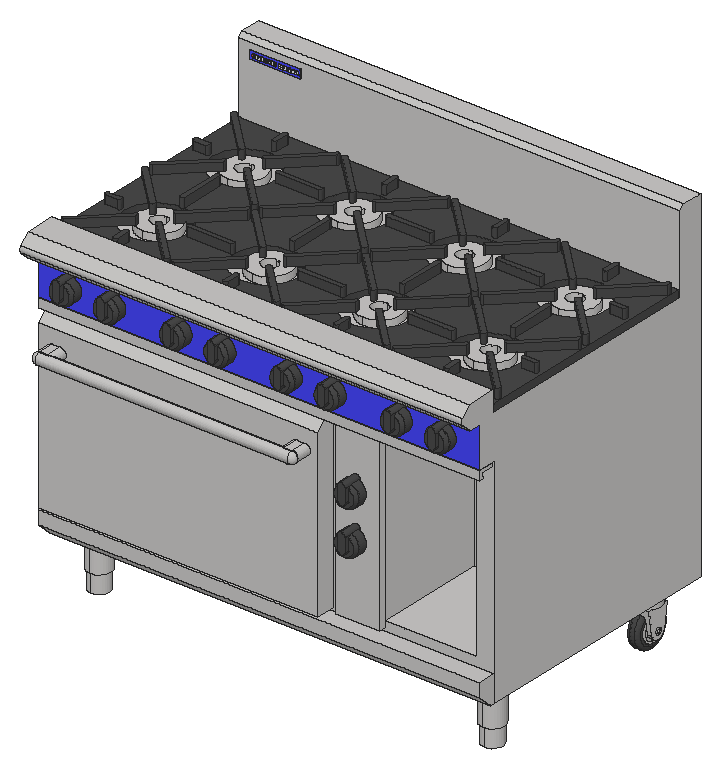
Revit family "QF_MOFFAT_BLUESEAL_CE_GE508D", category Specialty Equipment, Revit 2012 (continued)
Forms (mm)
  Revolve 42, solid, material "QF_Finishes_Black"
    sketch origin (836.851, 81.374, -366.368) x (0, 1, 0) y (0, 0, 1)
      loop
        line (-827.874, 829.5) -> (-838.874, 823.651) -> (-838.874, 797) -> (-794.874, 797) -> (-794.874, 802) -> (-804.874, 802) -> (-804.874, 829.5) -> (-827.874, 829.5)
      axis (-838.874, 797) -> (-794.874, 797)
    angle from 0 to 360
  Extrusion 43, solid, material "QF_Finishes_Black"
    sketch origin (389.044, 42.5, -366.368) x (1, 0, 0) y (0, 0, 1)
      loop
        line (458.3, 789) -> (458.3, 824)
        arc (458.3, 824) -> (448.3, 834) -> (438.3, 824) r 10
        line (438.3, 824) -> (438.3, 789)
        arc (438.3, 789) -> (448.3, 779) -> (458.3, 789) r 10
    from 759 to 808
Cuts and joins
  Extrusion 7, Extrusion 29 cuts Extrusion 1
Lines and regions (mm)
  Split face 1
    outline origin (1200, 0, 1085) x (-1, 0, 0) y (0, -1, 0)
      loop
        arc (935.206, 45.185) -> (926.545, 40.185) -> (926.545, 30.185) r 10
        line (926.545, 30.185) -> (930.587, 23.185)
        arc (930.587, 23.185) -> (934.247, 19.525) -> (939.247, 18.185) r 10
        line (939.247, 18.185) -> (1167.206, 18.185)
        arc (1167.206, 18.185) -> (1175.866, 23.185) -> (1175.866, 33.185) r 10
        line (1175.866, 33.185) -> (1171.824, 40.185)
        arc (1171.824, 40.185) -> (1168.164, 43.845) -> (1163.164, 45.185) r 10
        line (1163.164, 45.185) -> (935.206, 45.185)
  Split face 2
    outline origin (1200, 0, 1085) x (-1, 0, 0) y (0, -1, 0)
      loop
        arc (635.206, 45.185) -> (626.545, 40.185) -> (626.545, 30.185) r 10
        line (626.545, 30.185) -> (630.587, 23.185)
        arc (630.587, 23.185) -> (634.247, 19.525) -> (639.247, 18.185) r 10
        line (639.247, 18.185) -> (867.206, 18.185)
        arc (867.206, 18.185) -> (875.866, 23.185) -> (875.866, 33.185) r 10
        line (875.866, 33.185) -> (871.824, 40.185)
        arc (871.824, 40.185) -> (868.164, 43.845) -> (863.164, 45.185) r 10
        line (863.164, 45.185) -> (635.206, 45.185)
  Split face 3
    outline origin (1200, 0, 1085) x (-1, 0, 0) y (0, -1, 0)
      loop
        arc (335.206, 45.185) -> (326.545, 40.185) -> (326.545, 30.185) r 10
        line (326.545, 30.185) -> (330.587, 23.185)
        arc (330.587, 23.185) -> (334.247, 19.525) -> (339.247, 18.185) r 10
        line (339.247, 18.185) -> (567.206, 18.185)
        arc (567.206, 18.185) -> (575.866, 23.185) -> (575.866, 33.185) r 10
        line (575.866, 33.185) -> (571.824, 40.185)
        arc (571.824, 40.185) -> (568.164, 43.845) -> (563.164, 45.185) r 10
        line (563.164, 45.185) -> (335.206, 45.185)
  Split face 4
    outline origin (1200, 0, 1085) x (-1, 0, 0) y (0, -1, 0)
      loop
        arc (35.206, 45.185) -> (26.545, 40.185) -> (26.545, 30.185) r 10
        line (26.545, 30.185) -> (30.587, 23.185)
        arc (30.587, 23.185) -> (34.247, 19.525) -> (39.247, 18.185) r 10
        line (39.247, 18.185) -> (267.206, 18.185)
        arc (267.206, 18.185) -> (275.866, 23.185) -> (275.866, 33.185) r 10
        line (275.866, 33.185) -> (271.824, 40.185)
        arc (271.824, 40.185) -> (268.164, 43.845) -> (263.164, 45.185) r 10
        line (263.164, 45.185) -> (35.206, 45.185)
  symbolic lines
    curve 1: line (0, 0, 0) -> (0, -812, 0)
    curve 2: line (1200, 0, 0) -> (0, 0, 0)
    curve 3: line (1200, -812, 0) -> (1200, 0, 0)
    curve 4: line (0, -70, 0) -> (1200, -70, 0)
    curve 5: line (1200, -812, 0) -> (0, -812, 0)
    curve 6: line (1200, -708.3, 0) -> (0, -708.3, 0)
    curve 7: line (0, -705, 0) -> (1200, -705, 0)
    curve 8: line (1200, -72.734, 0) -> (0, -72.734, 0)
    curve 9: arc (22.65, -812, 0) -> (34.104, -822.278, 0) -> (48.889, -826.544, 0) r 34.455
    curve 10: line (48.889, -826.544, 0) -> (718.108, -826.544, 0)
    curve 11: arc (718.108, -826.544, 0) -> (732.653, -822.647, 0) -> (743.3, -812, 0) r 29.089
    curve 12: line (6.08, -94.387, 0) -> (121.515, -209.822, 0)
    curve 13: line (293.92, -94.387, 0) -> (178.485, -209.822, 0)
    curve 14: line (6.83, -379.864, 0) -> (121.515, -265.178, 0)
    curve 15: line (292.516, -379.21, 0) -> (178.485, -265.178, 0)
    curve 16: line (362.78, -237.81, 0) -> (237.78, -237.81, 0)
    curve 17: line (362.78, -537.81, 0) -> (237.78, -537.81, 0)
    curve 18: line (6.08, -398.155, 0) -> (121.515, -510.089, 0)
    curve 19: line (293.92, -398.155, 0) -> (178.485, -510.089, 0)
    curve 20: line (9.883, -677.078, 0) -> (121.515, -565.446, 0)
    curve 21: line (291.622, -678.583, 0) -> (178.485, -565.446, 0)
    curve 22: arc (150, -294.5, 0) -> (207, -237.5, 0) -> (150, -180.5, 0) r 57
    curve 23: arc (150, -180.5, 0) -> (93, -237.5, 0) -> (150, -294.5, 0) r 57
    curve 24: arc (150, -594.5, 0) -> (207, -537.5, 0) -> (150, -480.5, 0) r 57
    curve 25: arc (150, -480.5, 0) -> (93, -537.5, 0) -> (150, -594.5, 0) r 57
    curve 26: line (306.08, -94.387, 0) -> (421.515, -209.822, 0)
    curve 27: line (593.92, -94.387, 0) -> (478.485, -209.822, 0)
    curve 28: line (307.269, -379.424, 0) -> (421.515, -265.178, 0)
    curve 29: line (592.673, -379.366, 0) -> (478.485, -265.178, 0)
    curve 30: line (662.78, -237.81, 0) -> (537.78, -237.81, 0)
    curve 31: arc (450, -294.5, 0) -> (507, -237.5, 0) -> (450, -180.5, 0) r 57
    curve 32: arc (450, -180.5, 0) -> (393, -237.5, 0) -> (450, -294.5, 0) r 57
    curve 33: arc (750, -294.5, 0) -> (807, -237.5, 0) -> (750, -180.5, 0) r 57
    curve 34: arc (750, -180.5, 0) -> (693, -237.5, 0) -> (750, -294.5, 0) r 57
    curve 35: arc (1050, -294.5, 0) -> (1107, -237.5, 0) -> (1050, -180.5, 0) r 57
    curve 36: arc (1050, -180.5, 0) -> (993, -237.5, 0) -> (1050, -294.5, 0) r 57
    curve 37: line (606.08, -94.387, 0) -> (721.515, -209.822, 0)
    curve 38: line (893.92, -94.387, 0) -> (778.485, -209.822, 0)
    curve 39: line (607.348, -379.345, 0) -> (721.515, -265.178, 0)
    curve 40: line (893.92, -380.613, 0) -> (778.485, -265.178, 0)
    curve 41: line (962.78, -237.81, 0) -> (837.78, -237.81, 0)
    curve 42: line (906.08, -94.387, 0) -> (1021.515, -209.822, 0)
    curve 43: line (1193.92, -94.387, 0) -> (1078.485, -209.822, 0)
    curve 44: line (906.08, -380.613, 0) -> (1021.515, -265.178, 0)
    curve 45: line (1193.125, -379.818, 0) -> (1078.485, -265.178, 0)
    curve 46: line (906.08, -397.887, 0) -> (1021.392, -513.199, 0)
    curve 47: line (1193.92, -397.887, 0) -> (1079.019, -512.788, 0)
    curve 48: line (906.697, -679.996, 0) -> (1021.515, -565.178, 0)
    curve 49: line (1191.622, -678.316, 0) -> (1078.485, -565.178, 0)
    curve 50: line (306.08, -398.155, 0) -> (421.515, -510.089, 0)
    curve 51: line (593.92, -398.155, 0) -> (478.485, -510.089, 0)
    curve 52: line (308.378, -678.583, 0) -> (421.515, -565.446, 0)
    curve 53: line (593.555, -680.516, 0) -> (478.485, -565.446, 0)
    curve 54: line (606.08, -398.155, 0) -> (721.515, -510.089, 0)
    curve 55: line (893.92, -398.155, 0) -> (778.485, -510.089, 0)
    curve 56: line (607.19, -679.771, 0) -> (721.515, -565.446, 0)
    curve 57: line (893.088, -680.05, 0) -> (778.485, -565.446, 0)
    curve 58: line (149.618, -450.258, 0) -> (149.618, -325.258, 0)
    curve 59: line (449.618, -450.258, 0) -> (449.618, -325.258, 0)
    curve 60: line (749.618, -450.258, 0) -> (749.618, -325.258, 0)
    curve 61: line (1049.618, -450.258, 0) -> (1049.618, -325.258, 0)
    curve 62: line (662.78, -537.81, 0) -> (537.78, -537.81, 0)
    curve 63: line (962.78, -537.81, 0) -> (837.78, -537.81, 0)
    curve 64: line (149.197, -139.807, 0) -> (149.197, -94.807, 0)
    curve 65: line (149.197, -674.807, 0) -> (149.197, -634.807, 0)
    curve 66: line (449.197, -139.807, 0) -> (449.197, -94.807, 0)
    curve 67: line (449.197, -674.807, 0) -> (449.197, -634.807, 0)
    curve 68: line (749.197, -139.807, 0) -> (749.197, -94.807, 0)
    curve 69: line (749.197, -674.807, 0) -> (749.197, -634.807, 0)
    curve 70: line (1049.197, -139.807, 0) -> (1049.197, -94.807, 0)
    curve 71: line (1049.197, -674.807, 0) -> (1049.197, -634.807, 0)
    curve 72: line (49.678, -236.51, 0) -> (14.678, -236.51, 0)
    curve 73: line (49.678, -536.51, 0) -> (14.678, -536.51, 0)
    curve 74: arc (450, -594.5, 0) -> (507, -537.5, 0) -> (450, -480.5, 0) r 57
    curve 75: arc (450, -480.5, 0) -> (393, -537.5, 0) -> (450, -594.5, 0) r 57
    curve 76: arc (750, -480.5, 0) -> (693, -537.5, 0) -> (750, -594.5, 0) r 57
    curve 77: arc (750, -594.5, 0) -> (807, -537.5, 0) -> (750, -480.5, 0) r 57
    curve 78: arc (1050, -480.5, 0) -> (993, -537.5, 0) -> (1050, -594.5, 0) r 57
    curve 79: arc (1050, -594.5, 0) -> (1107, -537.5, 0) -> (1050, -480.5, 0) r 57
    curve 80: line (1150.322, -236.51, 0) -> (1185.322, -236.51, 0)
    curve 81: line (1150.322, -536.51, 0) -> (1185.322, -536.51, 0)
    curve 85: arc (150, -322.5, 0) -> (65, -237.5, 0) -> (150, -152.5, 0) r 85
    curve 86: arc (150, -152.5, 0) -> (235, -237.5, 0) -> (150, -322.5, 0) r 85
    curve 87: arc (450, -322.5, 0) -> (365, -237.5, 0) -> (450, -152.5, 0) r 85
    curve 88: arc (450, -152.5, 0) -> (535, -237.5, 0) -> (450, -322.5, 0) r 85
    curve 89: arc (150, -452.768, 0) -> (235, -537.768, 0) -> (150, -622.768, 0) r 85
    curve 90: arc (150, -622.768, 0) -> (65, -537.768, 0) -> (150, -452.768, 0) r 85
    curve 91: arc (450, -622.768, 0) -> (365, -537.768, 0) -> (450, -452.768, 0) r 85
    curve 92: arc (450, -452.768, 0) -> (535, -537.768, 0) -> (450, -622.768, 0) r 85
    curve 93: arc (750, -322.5, 0) -> (665, -237.5, 0) -> (750, -152.5, 0) r 85
    curve 94: arc (750, -152.5, 0) -> (835, -237.5, 0) -> (750, -322.5, 0) r 85
    curve 95: arc (1050, -322.5, 0) -> (965, -237.5, 0) -> (1050, -152.5, 0) r 85
    curve 96: arc (1050, -152.5, 0) -> (1135, -237.5, 0) -> (1050, -322.5, 0) r 85
    curve 97: arc (750, -452.768, 0) -> (835, -537.768, 0) -> (750, -622.768, 0) r 85
    curve 98: arc (750, -622.768, 0) -> (665, -537.768, 0) -> (750, -452.768, 0) r 85
    curve 99: arc (1050, -622.768, 0) -> (965, -537.768, 0) -> (1050, -452.768, 0) r 85
    curve 100: arc (1050, -452.768, 0) -> (1135, -537.768, 0) -> (1050, -622.768, 0) r 85
    curve 101: line (300.232, -72.734, 0) -> (300.232, -705, 0)
    curve 102: line (0, -390.308, 0) -> (1200, -390.308, 0)
    curve 103: line (600, -72.734, 0) -> (600, -705, 0)
    curve 104: line (900, -72.734, 0) -> (900, -705, 0)
    curve 105: arc (150, -215.5, 0) -> (172, -237.5, 0) -> (150, -259.5, 0) r 22
    curve 106: arc (150, -259.5, 0) -> (128, -237.5, 0) -> (150, -215.5, 0) r 22
    curve 107: arc (450, -215.5, 0) -> (472, -237.5, 0) -> (450, -259.5, 0) r 22
    curve 108: arc (450, -259.5, 0) -> (428, -237.5, 0) -> (450, -215.5, 0) r 22
    curve 109: arc (750, -215.5, 0) -> (772, -237.5, 0) -> (750, -259.5, 0) r 22
    curve 110: arc (750, -259.5, 0) -> (728, -237.5, 0) -> (750, -215.5, 0) r 22
    curve 111: arc (1050, -259.5, 0) -> (1028, -237.5, 0) -> (1050, -215.5, 0) r 22
    curve 112: arc (1050, -215.5, 0) -> (1072, -237.5, 0) -> (1050, -259.5, 0) r 22
    curve 113: arc (150, -515.5, 0) -> (172, -537.5, 0) -> (150, -559.5, 0) r 22
    curve 114: arc (150, -559.5, 0) -> (128, -537.5, 0) -> (150, -515.5, 0) r 22
    curve 115: arc (450, -515.5, 0) -> (472, -537.5, 0) -> (450, -559.5, 0) r 22
    curve 116: arc (450, -559.5, 0) -> (428, -537.5, 0) -> (450, -515.5, 0) r 22
    curve 117: arc (750, -515.5, 0) -> (772, -537.5, 0) -> (750, -559.5, 0) r 22
    curve 118: arc (750, -559.5, 0) -> (728, -537.5, 0) -> (750, -515.5, 0) r 22
    curve 119: arc (1050, -515.5, 0) -> (1072, -537.5, 0) -> (1050, -559.5, 0) r 22
    curve 120: arc (1050, -559.5, 0) -> (1028, -537.5, 0) -> (1050, -515.5, 0) r 22
    curve 121: line (1160.753, -18.185, 0) -> (932.794, -18.185, 0)
    curve 122: arc (932.794, -18.185, 0) -> (924.134, -23.185, 0) -> (924.134, -33.185, 0) r 10
    curve 123: line (924.134, -33.185, 0) -> (928.176, -40.185, 0)
    curve 124: arc (928.176, -40.185, 0) -> (931.836, -43.845, 0) -> (936.836, -45.185, 0) r 10
    curve 125: line (936.836, -45.185, 0) -> (1164.794, -45.185, 0)
    curve 126: arc (1164.794, -45.185, 0) -> (1173.455, -40.185, 0) -> (1173.455, -30.185, 0) r 10
    curve 127: line (1173.455, -30.185, 0) -> (1169.413, -23.185, 0)
    curve 128: arc (1169.413, -23.185, 0) -> (1165.753, -19.525, 0) -> (1160.753, -18.185, 0) r 10
    curve 129: line (632.794, -18.185, 0) -> (860.753, -18.185, 0)
    curve 130: arc (860.753, -18.185, 0) -> (865.753, -19.525, 0) -> (869.413, -23.185, 0) r 10
    curve 131: line (869.413, -23.185, 0) -> (873.455, -30.185, 0)
    curve 132: arc (873.455, -30.185, 0) -> (873.455, -40.185, 0) -> (864.794, -45.185, 0) r 10
    curve 133: line (864.794, -45.185, 0) -> (636.836, -45.185, 0)
    curve 134: arc (636.836, -45.185, 0) -> (631.836, -43.845, 0) -> (628.176, -40.185, 0) r 10
    curve 135: line (628.176, -40.185, 0) -> (624.134, -33.185, 0)
    curve 136: arc (624.134, -33.185, 0) -> (624.134, -23.185, 0) -> (632.794, -18.185, 0) r 10
    curve 137: line (332.794, -18.185, 0) -> (560.753, -18.185, 0)
    curve 138: arc (560.753, -18.185, 0) -> (565.753, -19.525, 0) -> (569.413, -23.185, 0) r 10
    curve 139: line (569.413, -23.185, 0) -> (573.455, -30.185, 0)
    curve 140: arc (573.455, -30.185, 0) -> (573.455, -40.185, 0) -> (564.794, -45.185, 0) r 10
    curve 141: line (564.794, -45.185, 0) -> (336.836, -45.185, 0)
    curve 142: arc (336.836, -45.185, 0) -> (331.836, -43.845, 0) -> (328.176, -40.185, 0) r 10
    curve 143: line (328.176, -40.185, 0) -> (324.134, -33.185, 0)
    curve 144: arc (324.134, -33.185, 0) -> (324.134, -23.185, 0) -> (332.794, -18.185, 0) r 10
    curve 145: line (260.753, -18.185, 0) -> (32.794, -18.185, 0)
    curve 146: arc (32.794, -18.185, 0) -> (24.134, -23.185, 0) -> (24.134, -33.185, 0) r 10
    curve 147: line (24.134, -33.185, 0) -> (28.176, -40.185, 0)
    curve 148: arc (28.176, -40.185, 0) -> (31.836, -43.845, 0) -> (36.836, -45.185, 0) r 10
    curve 149: line (36.836, -45.185, 0) -> (264.794, -45.185, 0)
    curve 150: arc (264.794, -45.185, 0) -> (273.455, -40.185, 0) -> (273.455, -30.185, 0) r 10
    curve 151: line (273.455, -30.185, 0) -> (269.413, -23.185, 0)
    curve 152: arc (269.413, -23.185, 0) -> (265.753, -19.525, 0) -> (260.753, -18.185, 0) r 10
    curve 153: line (0, -57.5, 0) -> (1200, -57.5, 0)
    curve 154: line (0, -783.97, 0) -> (1200, -783.97, 0)
  symbolic lines, style "QF_Door-Drawer Clearances", visible <- "Show Clearance"
    curve 82: line (0, -1218.847, 0) -> (760, -1218.847, 0)
    curve 83: line (760, -1218.847, 0) -> (760, -812, 0)
    curve 84: line (0, -1218.847, 0) -> (0, -812, 0)
Dimensions and locks
  equal spacing: plane 3 "LEFT", plane 7 "Center Y", plane 4 "RIGHT"
  "Width": plane 3 "LEFT" to plane 4 "RIGHT"
  equal spacing: plane 5 "FRONT", plane 8 "Center X", plane 1 "BACK"
  plane 5 "FRONT" to plane 1 "BACK" = 812 mm  (x2)
  equal spacing: plane 4 "RIGHT", plane 7 "Center Y", plane 3 "LEFT"
  plane 4 "RIGHT" to plane 3 "LEFT" = 1200 mm
  "Height": plane 6 "TOP" to level
  plane 10 to plane 1 "BACK" = 574.272 mm
  plane 12 to plane 1 "BACK" = 304.972 mm  (x2)
  plane 11 to plane 3 "LEFT" = 60 mm
  plane 14 to plane 3 "LEFT" = 74 mm
  plane 9 to plane 3 "LEFT" = 280 mm
  "Depth": plane 1 "BACK" to plane 15
  plane 5 "FRONT" to plane 15 = 0 mm
  plane 6 "TOP" to plane 2 = 970 mm
  locked: plane 2 to Extrusion 1 sketch curve at 861.8
  locked: plane 2 to Extrusion 1 sketch curve at 915
  locked: plane 4 "RIGHT" to plane 16 at 65.5
  Extrusion 8 sketch curve to plane 20 = 64.8 mm
  Extrusion 33 sketch curve to plane 4 "RIGHT" = 374 mm
  Extrusion 33 sketch curve to plane 1 "BACK" = 501 mm
  plane 21 to level = 1085 mm
  Revolve 37 sketch curve to Revolve 37 sketch curve = 50.8 mm
  Revolve 41 sketch curve to Revolve 41 sketch curve = 50.8 mm
  aligned and locked: level to plane 2
  aligned and locked: curve 3 to plane 4 "RIGHT"
  aligned and locked: Extrusion 1 to plane 4 "RIGHT"
  aligned and locked: plane 16 to Revolve 4
  aligned and locked: plane 4 "RIGHT" to Extrusion 8 sketch curve
  aligned and locked: Extrusion 28 to Extrusion 2
Automatic sketch dimensions
  curve 22 to curve 23 = 0 mm  (x2)
  curve 22 to curve 85 = 0 mm  (x2)
  curve 22 to curve 86 = 0 mm  (x2)
  curve 22 to curve 105 = 0 mm  (x2)
  curve 22 to curve 106 = 0 mm  (x2)
  curve 23 to curve 85 = 0 mm  (x2)
  curve 23 to curve 86 = 0 mm  (x2)
  curve 23 to curve 105 = 0 mm  (x2)
  curve 23 to curve 106 = 0 mm  (x2)
  curve 24 to curve 25 = 0 mm  (x2)
  curve 24 to curve 113 = 0 mm  (x2)
  curve 24 to curve 114 = 0 mm  (x2)
  curve 25 to curve 113 = 0 mm  (x2)
  curve 25 to curve 114 = 0 mm  (x2)
  curve 31 to curve 32 = 0 mm  (x2)
  curve 31 to curve 87 = 0 mm  (x2)
  curve 31 to curve 88 = 0 mm  (x2)
  curve 31 to curve 107 = 0 mm  (x2)
  curve 31 to curve 108 = 0 mm  (x2)
  curve 32 to curve 87 = 0 mm  (x2)
  curve 32 to curve 88 = 0 mm  (x2)
  curve 32 to curve 107 = 0 mm  (x2)
  curve 32 to curve 108 = 0 mm  (x2)
  curve 33 to curve 34 = 0 mm  (x2)
  curve 33 to curve 93 = 0 mm  (x2)
  curve 33 to curve 94 = 0 mm  (x2)
  curve 33 to curve 109 = 0 mm  (x2)
  curve 33 to curve 110 = 0 mm  (x2)
  curve 34 to curve 93 = 0 mm  (x2)
  curve 34 to curve 94 = 0 mm  (x2)
  curve 34 to curve 109 = 0 mm  (x2)
  curve 34 to curve 110 = 0 mm  (x2)
  curve 35 to curve 36 = 0 mm  (x2)
  curve 35 to curve 95 = 0 mm  (x2)
  curve 35 to curve 96 = 0 mm  (x2)
  curve 35 to curve 111 = 0 mm  (x2)
  curve 35 to curve 112 = 0 mm  (x2)
  curve 36 to curve 95 = 0 mm  (x2)
  curve 36 to curve 96 = 0 mm  (x2)
  curve 36 to curve 111 = 0 mm  (x2)
  curve 36 to curve 112 = 0 mm  (x2)
  curve 74 to curve 75 = 0 mm  (x2)
  curve 74 to curve 115 = 0 mm  (x2)
  curve 74 to curve 116 = 0 mm  (x2)
  curve 75 to curve 115 = 0 mm  (x2)
  curve 75 to curve 116 = 0 mm  (x2)
  curve 76 to curve 77 = 0 mm  (x2)
  curve 76 to curve 117 = 0 mm  (x2)
  curve 76 to curve 118 = 0 mm  (x2)
  curve 77 to curve 117 = 0 mm  (x2)
  curve 77 to curve 118 = 0 mm  (x2)
  curve 78 to curve 79 = 0 mm  (x2)
  curve 78 to curve 119 = 0 mm  (x2)
  curve 78 to curve 120 = 0 mm  (x2)
  curve 79 to curve 119 = 0 mm  (x2)
  curve 79 to curve 120 = 0 mm  (x2)
  curve 85 to curve 86 = 0 mm  (x2)
  curve 85 to curve 105 = 0 mm  (x2)
  curve 85 to curve 106 = 0 mm  (x2)
  curve 86 to curve 105 = 0 mm  (x2)
  curve 86 to curve 106 = 0 mm  (x2)
  curve 87 to curve 88 = 0 mm  (x2)
  curve 87 to curve 107 = 0 mm  (x2)
  curve 87 to curve 108 = 0 mm  (x2)
  curve 88 to curve 107 = 0 mm  (x2)
  curve 88 to curve 108 = 0 mm  (x2)
  curve 89 to curve 90 = 0 mm  (x2)
  curve 91 to curve 92 = 0 mm  (x2)
  curve 93 to curve 94 = 0 mm  (x2)
  curve 93 to curve 109 = 0 mm  (x2)
  curve 93 to curve 110 = 0 mm  (x2)
  curve 94 to curve 109 = 0 mm  (x2)
  curve 94 to curve 110 = 0 mm  (x2)
  curve 95 to curve 96 = 0 mm  (x2)
  curve 95 to curve 111 = 0 mm  (x2)
  curve 95 to curve 112 = 0 mm  (x2)
  curve 96 to curve 111 = 0 mm  (x2)
  curve 96 to curve 112 = 0 mm  (x2)
  curve 97 to curve 98 = 0 mm  (x2)
  curve 99 to curve 100 = 0 mm  (x2)
  curve 105 to curve 106 = 0 mm  (x2)
  curve 107 to curve 108 = 0 mm  (x2)
  curve 109 to curve 110 = 0 mm  (x2)
  curve 111 to curve 112 = 0 mm  (x2)
  curve 113 to curve 114 = 0 mm  (x2)
  curve 115 to curve 116 = 0 mm  (x2)
  curve 117 to curve 118 = 0 mm  (x2)
  curve 119 to curve 120 = 0 mm  (x2)
  plane 1 "BACK" to curve 1 = 0 mm
  curve 1 to plane 3 "LEFT" = 0 mm
  plane 5 "FRONT" to curve 9 = 0 mm
  plane 22 to curve 101 = 0 mm
  curve 103 to plane 7 "Center Y" = 0 mm
  plane 3 "LEFT" to curve 18 = 6.08 mm
  plane 3 "LEFT" to curve 12 = 6.08 mm
  plane 3 "LEFT" to curve 14 = 6.83 mm
  plane 3 "LEFT" to curve 20 = 9.883 mm
  plane 3 "LEFT" to curve 73 = 14.678 mm
  plane 3 "LEFT" to curve 72 = 14.678 mm
  plane 3 "LEFT" to curve 9 = 22.65 mm
  curve 147 to plane 17 = 1.185 mm
  plane 3 "LEFT" to curve 147 = 24.134 mm
  curve 146 to curve 148 = 4.041 mm
  curve 146 to curve 145 = 8.66 mm
  curve 148 to curve 148 = 8.66 mm
  curve 10 to plane 11 = 11.111 mm
  curve 72 to plane 11 = 10.322 mm
  curve 73 to plane 11 = 10.322 mm
  curve 9 to plane 11 = 9.192 mm
  plane 14 to curve 18 = 47.515 mm
  plane 10 to curve 20 = 8.826 mm
  plane 14 to curve 20 = 47.515 mm
  plane 14 to curve 14 = 47.515 mm
  plane 14 to curve 12 = 47.515 mm
  plane 14 to curve 64 = 75.197 mm
  curve 65 to plane 22 = 30.193 mm
  plane 14 to curve 65 = 75.197 mm
  curve 18 to curve 58 = 28.103 mm
  curve 64 to curve 22 = 0.803 mm
  curve 18 to curve 24 = 28.485 mm
  curve 58 to curve 90 = 0.382 mm
  plane 12 to curve 15 = 39.794 mm
  curve 105 to curve 15 = 28.485 mm
  plane 10 to curve 21 = 8.826 mm
  curve 113 to curve 21 = 28.485 mm
  curve 105 to curve 13 = 28.485 mm
  curve 114 to curve 19 = 28.485 mm
  curve 16 to plane 9 = 42.22 mm
  curve 17 to plane 9 = 42.22 mm
  curve 145 to plane 9 = 19.247 mm
  curve 149 to plane 9 = 15.206 mm
  curve 152 to curve 151 = 8.66 mm
  plane 17 to curve 151 = 1.815 mm
  curve 151 to plane 9 = 6.545 mm
  plane 9 to curve 21 = 11.622 mm
  plane 9 to curve 15 = 12.516 mm
  plane 9 to curve 19 = 13.92 mm
  plane 23 to curve 13 = 5.613 mm
  plane 9 to curve 13 = 13.92 mm
  plane 9 to curve 101 = 20.232 mm
  plane 8 "Center X" to curve 50 = 7.845 mm
  curve 19 to curve 50 = 12.16 mm
  plane 23 to curve 26 = 5.613 mm
  curve 13 to curve 26 = 12.16 mm
  curve 15 to curve 28 = 14.753 mm
  curve 21 to curve 52 = 16.756 mm
  curve 143 to plane 17 = 1.185 mm
  plane 9 to curve 143 = 44.134 mm
  curve 143 to plane 17 = 8.185 mm
  curve 143 to curve 143 = 4.041 mm
  plane 17 to curve 144 = 3.815 mm
  curve 144 to curve 144 = 8.66 mm
  curve 142 to curve 142 = 8.66 mm
  plane 10 to curve 17 = 36.462 mm
  plane 9 to curve 17 = 82.78 mm
  plane 9 to curve 16 = 82.78 mm
  plane 12 to curve 28 = 39.794 mm
  curve 16 to curve 28 = 58.735 mm
  plane 10 to curve 52 = 8.826 mm
  curve 17 to curve 52 = 58.735 mm
  curve 26 to curve 28 = 0 mm
  plane 10 to curve 50 = 64.183 mm
  curve 50 to curve 52 = 0 mm
  curve 52 to curve 67 = 27.682 mm
  plane 23 to curve 66 = 5.193 mm
  curve 26 to curve 66 = 27.682 mm
  curve 59 to plane 12 = 20.285 mm
  curve 28 to curve 59 = 28.103 mm
  curve 50 to curve 92 = 28.485 mm
  curve 116 to curve 91 = 0 mm
  curve 66 to curve 31 = 0.803 mm
  plane 12 to curve 29 = 39.794 mm
  curve 107 to curve 29 = 28.485 mm
  curve 108 to curve 27 = 28.485 mm
  curve 115 to curve 51 = 28.485 mm
  plane 10 to curve 53 = 8.826 mm
  curve 115 to curve 53 = 28.485 mm
  curve 30 to plane 7 "Center Y" = 62.22 mm
  curve 62 to plane 7 "Center Y" = 62.22 mm
  plane 17 to curve 138 = 3.815 mm
  curve 138 to plane 7 "Center Y" = 39.247 mm
  curve 138 to curve 140 = 4.041 mm
  plane 17 to curve 139 = 8.815 mm
  plane 17 to curve 139 = 1.815 mm
  curve 138 to curve 139 = 4.041 mm
  curve 29 to plane 7 "Center Y" = 7.327 mm
  curve 53 to plane 7 "Center Y" = 6.445 mm
  curve 27 to plane 7 "Center Y" = 6.08 mm
  curve 51 to plane 7 "Center Y" = 6.08 mm
  plane 7 "Center Y" to curve 54 = 6.08 mm
  plane 7 "Center Y" to curve 37 = 6.08 mm
  plane 7 "Center Y" to curve 56 = 7.19 mm
  plane 7 "Center Y" to curve 39 = 7.348 mm
  curve 135 to plane 17 = 1.185 mm
  plane 7 "Center Y" to curve 135 = 24.134 mm
  curve 136 to curve 134 = 4.041 mm
  plane 17 to curve 136 = 3.815 mm
  curve 136 to curve 136 = 8.66 mm
  curve 134 to curve 134 = 8.66 mm
  plane 7 "Center Y" to curve 62 = 62.78 mm
  plane 7 "Center Y" to curve 30 = 62.78 mm
  curve 11 to plane 5 "FRONT" = 14.544 mm
  plane 7 "Center Y" to curve 11 = 118.108 mm
  curve 30 to curve 37 = 58.735 mm
  curve 62 to curve 54 = 58.735 mm
  plane 12 to curve 39 = 39.794 mm
  curve 39 to curve 37 = 0 mm
  plane 10 to curve 56 = 8.826 mm
  curve 56 to curve 54 = 0 mm
  curve 10 to curve 11 = 25.191 mm
  curve 37 to curve 68 = 27.682 mm
  curve 69 to plane 22 = 30.193 mm
  curve 56 to curve 69 = 27.682 mm
  curve 60 to plane 12 = 20.285 mm
  curve 39 to curve 60 = 28.103 mm
  curve 68 to curve 34 = 0.803 mm
  curve 54 to curve 97 = 28.485 mm
  curve 76 to curve 97 = 0 mm
  plane 7 "Center Y" to curve 83 = 160 mm
  curve 110 to curve 38 = 28.485 mm
  plane 10 to curve 57 = 8.826 mm
  curve 117 to curve 57 = 28.485 mm
  plane 12 to curve 40 = 39.794 mm
  curve 110 to curve 40 = 28.485 mm
  plane 10 to curve 55 = 64.183 mm
  curve 117 to curve 55 = 28.485 mm
  curve 40 to curve 41 = 59.295 mm
  curve 57 to curve 63 = 59.295 mm
  curve 68 to curve 130 = 111.556 mm
  curve 132 to plane 17 = 3.185 mm
  curve 130 to curve 132 = 4.041 mm
  plane 17 to curve 131 = 8.815 mm
  curve 130 to curve 131 = 8.66 mm
  plane 17 to curve 131 = 1.815 mm
  curve 131 to curve 131 = 4.041 mm
  curve 57 to plane 22 = 24.95 mm
  curve 69 to curve 57 = 143.891 mm
  curve 40 to plane 13 = 15.641 mm
  curve 41 to curve 40 = 56.14 mm
  plane 23 to curve 38 = 5.613 mm
  curve 132 to curve 38 = 29.126 mm
  plane 8 "Center X" to curve 55 = 7.845 mm
  curve 55 to curve 40 = 0 mm
  curve 38 to curve 104 = 6.08 mm
  plane 8 "Center X" to curve 46 = 8.113 mm
  curve 55 to curve 46 = 12.16 mm
  curve 44 to plane 13 = 15.641 mm
  curve 40 to curve 44 = 12.16 mm
  plane 23 to curve 42 = 5.613 mm
  curve 38 to curve 42 = 12.16 mm
  curve 48 to plane 22 = 25.004 mm
  curve 57 to curve 48 = 13.609 mm
  curve 123 to plane 17 = 1.185 mm
  curve 104 to curve 123 = 24.134 mm
  curve 123 to plane 17 = 8.185 mm
  curve 123 to curve 123 = 4.041 mm
  curve 122 to curve 121 = 8.66 mm
  curve 124 to curve 125 = 8.66 mm
  plane 10 to curve 63 = 36.462 mm
  curve 63 to curve 63 = 125 mm
  curve 41 to curve 41 = 125 mm
  curve 63 to curve 46 = 58.612 mm
  plane 10 to curve 48 = 9.094 mm
  curve 46 to curve 48 = 0.123 mm
  plane 12 to curve 44 = 39.794 mm
  curve 41 to curve 44 = 58.735 mm
  curve 42 to curve 44 = 0 mm
  curve 71 to plane 22 = 30.193 mm
  curve 71 to plane 16 = 85.303 mm
  plane 23 to curve 70 = 5.193 mm
  curve 70 to plane 16 = 85.303 mm
  curve 61 to plane 12 = 20.285 mm
  curve 44 to curve 61 = 28.103 mm
  curve 46 to curve 119 = 28.608 mm
  plane 12 to curve 35 = 10.472 mm
  curve 61 to curve 35 = 0.382 mm
  curve 99 to curve 78 = 0 mm
  curve 111 to curve 45 = 28.485 mm
  curve 111 to curve 43 = 28.485 mm
  plane 10 to curve 49 = 9.094 mm
  curve 119 to curve 49 = 28.485 mm
  curve 119 to curve 47 = 29.019 mm
  plane 16 to curve 81 = 15.822 mm
  plane 16 to curve 80 = 15.822 mm
  plane 17 to curve 128 = 13.815 mm
  plane 16 to curve 128 = 26.253 mm
  curve 126 to plane 17 = 3.185 mm
  curve 128 to curve 126 = 4.041 mm
  curve 128 to curve 128 = 8.66 mm
  plane 17 to curve 127 = 1.815 mm
  curve 127 to curve 127 = 4.041 mm
  plane 4 "RIGHT" to curve 80 = 14.678 mm
  plane 4 "RIGHT" to curve 81 = 14.678 mm
  plane 4 "RIGHT" to curve 49 = 8.378 mm
  plane 4 "RIGHT" to curve 45 = 6.875 mm
  plane 4 "RIGHT" to curve 43 = 6.08 mm
  plane 4 "RIGHT" to curve 47 = 6.08 mm
  curve 82 to curve 9 = 392.303 mm
  curve 154 to plane 5 "FRONT" = 28.03 mm
  plane 22 to curve 6 = 3.3 mm
  curve 53 to plane 22 = 24.484 mm
  curve 53 to curve 56 = 0.745 mm
  curve 21 to plane 22 = 26.417 mm
  curve 21 to curve 52 = 0 mm
  curve 49 to plane 22 = 26.684 mm
  curve 20 to plane 22 = 27.922 mm
  curve 67 to plane 22 = 30.193 mm
  curve 65 to curve 65 = 40 mm
  curve 67 to curve 67 = 40 mm
  curve 71 to curve 71 = 40 mm
  curve 69 to curve 69 = 40 mm
  curve 69 to curve 97 = 12.039 mm
  curve 71 to curve 99 = 12.039 mm
  curve 67 to curve 91 = 12.039 mm
  curve 65 to curve 89 = 12.039 mm
  curve 24 to plane 10 = 20.228 mm
  curve 78 to plane 10 = 20.228 mm
  curve 77 to plane 10 = 20.228 mm
  curve 75 to plane 10 = 20.228 mm
  plane 10 to curve 117 = 14.772 mm
  plane 10 to curve 116 = 14.772 mm
  plane 10 to curve 114 = 14.772 mm
  plane 10 to curve 119 = 14.772 mm
  plane 10 to curve 62 = 36.462 mm
  curve 114 to curve 89 = 21.732 mm
  curve 117 to curve 97 = 21.732 mm
  curve 115 to curve 92 = 21.732 mm
  curve 119 to curve 100 = 21.732 mm
  curve 97 to curve 117 = 0.268 mm
  curve 89 to curve 25 = 0.268 mm
  curve 91 to curve 75 = 0.268 mm
  curve 99 to curve 119 = 0.268 mm
  plane 10 to curve 81 = 37.763 mm
  plane 10 to curve 73 = 37.763 mm
  curve 120 to curve 46 = 2.301 mm
  curve 119 to curve 47 = 2.712 mm
  curve 114 to curve 18 = 5.411 mm
  curve 115 to curve 51 = 5.411 mm
  curve 114 to curve 19 = 5.411 mm
  curve 118 to curve 54 = 5.411 mm
  curve 99 to curve 61 = 2.51 mm
  curve 89 to curve 58 = 2.51 mm
  curve 97 to curve 60 = 2.51 mm
  curve 91 to curve 59 = 2.51 mm
  plane 8 "Center X" to curve 54 = 7.845 mm
  plane 8 "Center X" to curve 19 = 7.845 mm
  plane 8 "Center X" to curve 18 = 7.845 mm
  plane 8 "Center X" to curve 51 = 7.845 mm
  plane 8 "Center X" to curve 47 = 8.113 mm
  curve 18 to curve 102 = 7.846 mm
  curve 102 to curve 14 = 10.445 mm
  curve 102 to curve 45 = 10.49 mm
  curve 28 to plane 13 = 14.452 mm
  curve 29 to plane 13 = 14.394 mm
  curve 39 to plane 13 = 14.373 mm
  curve 15 to plane 13 = 14.238 mm
  curve 58 to plane 12 = 20.285 mm
  curve 60 to curve 94 = 2.758 mm
  curve 59 to curve 88 = 2.758 mm
  curve 61 to curve 95 = 2.758 mm
  curve 58 to curve 85 = 2.758 mm
  plane 12 to curve 22 = 10.472 mm
  plane 12 to curve 32 = 10.472 mm
  plane 12 to curve 33 = 10.472 mm
  plane 12 to curve 14 = 39.794 mm
  plane 12 to curve 45 = 39.794 mm
  curve 29 to curve 107 = 5.678 mm
  curve 15 to curve 105 = 5.678 mm
  curve 45 to curve 111 = 5.678 mm
  curve 40 to curve 110 = 5.678 mm
  curve 29 to curve 30 = 27.368 mm
  curve 15 to curve 16 = 27.368 mm
  curve 40 to curve 41 = 27.368 mm
  curve 108 to curve 88 = 22 mm
  curve 111 to curve 112 = 22 mm
  curve 109 to curve 93 = 22 mm
  curve 105 to curve 86 = 22 mm
  plane 12 to curve 72 = 68.463 mm
  plane 12 to curve 80 = 68.463 mm
  curve 105 to curve 13 = 5.678 mm
  curve 108 to curve 27 = 5.678 mm
  curve 110 to curve 38 = 5.678 mm
  curve 106 to curve 12 = 5.678 mm
  curve 108 to curve 26 = 5.678 mm
  curve 109 to curve 37 = 5.678 mm
  curve 111 to curve 43 = 5.678 mm
  curve 111 to curve 42 = 5.678 mm
  curve 96 to curve 70 = 12.693 mm
  curve 94 to curve 68 = 12.693 mm
  curve 87 to curve 66 = 12.693 mm
  curve 85 to curve 64 = 12.693 mm
  plane 23 to curve 68 = 5.193 mm
  plane 23 to curve 64 = 5.193 mm
  plane 23 to curve 27 = 5.613 mm
  plane 23 to curve 43 = 5.613 mm
  plane 23 to curve 12 = 5.613 mm
  plane 23 to curve 37 = 5.613 mm
  curve 37 to curve 103 = 21.653 mm
  curve 8 to curve 4 = 2.734 mm
  curve 4 to curve 153 = 12.5 mm
  curve 150 to plane 17 = 13.185 mm
  curve 142 to curve 142 = 5 mm
  curve 147 to curve 146 = 7 mm
  curve 134 to curve 136 = 7 mm
  plane 17 to curve 128 = 3.815 mm
  plane 17 to curve 152 = 3.815 mm
  plane 17 to curve 146 = 3.815 mm
  Extrusion 1 sketch curve to plane 22 = 0 mm
  Extrusion 1 sketch curve to plane 21 = 0 mm
  Extrusion 1 sketch curve to plane 1 "BACK" = 0 mm
  plane 22 to Extrusion 1 sketch curve = 2.93 mm
  plane 22 to Extrusion 1 sketch curve = 8 mm
  plane 22 to Extrusion 1 sketch curve = 35.224 mm
  Extrusion 1 sketch curve to Extrusion 1 sketch curve = 2.389 mm
  plane 22 to Extrusion 1 sketch curve = 44 mm  (x2)
  Extrusion 1 sketch curve to Extrusion 1 sketch curve = 0 mm  (x2)
  Extrusion 1 sketch curve to plane 5 "FRONT" = 28.03 mm
  Extrusion 1 sketch curve to plane 5 "FRONT" = 27.03 mm
  Extrusion 1 sketch curve to plane 5 "FRONT" = 11.991 mm
  Extrusion 1 sketch curve to plane 5 "FRONT" = 3.51 mm  (x2)
  Extrusion 1 sketch curve to plane 22 = 1.8 mm
  Extrusion 1 sketch curve to plane 22 = 6 mm
  plane 23 to Extrusion 1 sketch curve = 30 mm
  Extrusion 1 sketch curve to Extrusion 1 sketch curve = 12.5 mm
  Extrusion 1 sketch curve to Extrusion 1 sketch curve = 65 mm
  plane 18 to Extrusion 1 sketch curve = 85 mm
  Extrusion 1 sketch curve to Extrusion 1 sketch curve = 2.216 mm
  Extrusion 1 sketch curve to Extrusion 1 sketch curve = 7.004 mm
  Extrusion 1 sketch curve to Extrusion 1 sketch curve = 16.999 mm
  level to Extrusion 1 sketch curve = 222.5 mm
  Extrusion 1 sketch curve to Extrusion 1 sketch curve = 36.5 mm
  Extrusion 1 sketch curve to Extrusion 1 sketch curve = 36 mm
  Extrusion 1 sketch curve to Extrusion 1 sketch curve = 23.52 mm
  Extrusion 1 sketch curve to Extrusion 1 sketch curve = 8.48 mm
  Extrusion 1 sketch curve to plane 21 = 12.5 mm
  plane 22 to Extrusion 2 sketch curve = 44 mm
  plane 22 to Extrusion 2 sketch curve = 20 mm
  Extrusion 2 sketch curve to plane 22 = 6 mm
  level to Extrusion 2 sketch curve = 227.5 mm
  plane 18 to Extrusion 2 sketch curve = 21 mm
  plane 18 to Extrusion 2 sketch curve = 45 mm
  plane 22 to Extrusion 3 sketch curve = 9 mm
  Extrusion 3 sketch curve to plane 22 = 6 mm
  level to Extrusion 3 sketch curve = 227.5 mm
  plane 18 to Extrusion 3 sketch curve = 45 mm
  Revolve 4 sketch curve to level = 0 mm
  Revolve 4 sketch curve to plane 22 = 48.25 mm
  Revolve 4 sketch curve to Revolve 4 sketch curve = 4.25 mm
  Revolve 4 sketch curve to Revolve 4 sketch curve = 27.5 mm  (x2)
  level to Revolve 4 sketch curve = 50 mm
  Revolve 4 sketch curve to Revolve 4 sketch curve = 0 mm
  Revolve 4 sketch curve to Revolve 4 sketch curve = 100 mm
  Revolve 4 sketch curve to Revolve 4 sketch curve = 55 mm
  Revolve 5 sketch curve to level = 0 mm
  Revolve 5 sketch curve to plane 22 = 48.25 mm
  Revolve 5 sketch curve to Revolve 5 sketch curve = 4.25 mm
  Revolve 5 sketch curve to Revolve 5 sketch curve = 27.5 mm  (x2)
  Revolve 5 sketch curve to level = 55 mm
  Revolve 5 sketch curve to Revolve 5 sketch curve = 50 mm
  Revolve 5 sketch curve to Revolve 5 sketch curve = 0 mm
  Revolve 5 sketch curve to Revolve 5 sketch curve = 100 mm
  Extrusion 6 sketch curve to plane 17 = 0 mm
  Extrusion 6 sketch curve to plane 16 = 64.5 mm
  Extrusion 1 to Extrusion 7 sketch curve = 60.219 mm
  Extrusion 1 to Extrusion 7 sketch curve = 96 mm
  Extrusion 7 sketch curve to Extrusion 1 = 50 mm
  Extrusion 7 sketch curve to Extrusion 7 sketch curve = 250 mm
  plane 22 to Extrusion 8 sketch curve = 0 mm
  Extrusion 8 sketch curve to plane 22 = 3 mm  (x2)
  plane 10 to Extrusion 8 sketch curve = 36.504 mm  (x4)
  plane 12 to Extrusion 8 sketch curve = 67.472 mm  (x4)
  plane 23 to Extrusion 8 sketch curve = 26 mm  (x2)
  plane 4 "RIGHT" to Extrusion 8 sketch curve = 3 mm
  plane 14 to Extrusion 8 sketch curve = 76 mm  (x2)
  Extrusion 8 sketch curve to plane 7 "Center Y" = 150 mm  (x2)
  plane 7 "Center Y" to Extrusion 8 sketch curve = 150 mm  (x2)
  Extrusion 8 sketch curve to plane 16 = 84.5 mm  (x2)
  plane 23 to Extrusion 9 sketch curve = 6.398 mm  (x8)
  plane 23 to Extrusion 9 sketch curve = 1.872 mm  (x8)
  plane 23 to Extrusion 9 sketch curve = 0.602 mm  (x4)
  Extrusion 9 sketch curve to plane 23 = 35.602 mm  (x4)
  Extrusion 9 sketch curve to Extrusion 9 sketch curve = 65.923 mm  (x4)
  Extrusion 9 sketch curve to Extrusion 9 sketch curve = 0 mm  (x18)
  Extrusion 9 sketch curve to Extrusion 9 sketch curve = 4.525 mm  (x40)
  plane 3 "LEFT" to Extrusion 9 sketch curve = 16.591 mm  (x2)
  plane 12 to Extrusion 9 sketch curve = 74.863 mm  (x2)
  plane 4 "RIGHT" to Extrusion 9 sketch curve = 15.648 mm  (x2)
  Extrusion 9 sketch curve to Extrusion 9 sketch curve = 20.524 mm  (x13)
  Extrusion 9 sketch curve to Extrusion 9 sketch curve = 6.4 mm  (x22)
  plane 12 to Extrusion 9 sketch curve = 40.548 mm  (x8)
  Extrusion 9 sketch curve to plane 12 = 24.426 mm  (x4)
  Extrusion 9 sketch curve to plane 13 = 7.374 mm  (x8)
  plane 8 "Center X" to Extrusion 9 sketch curve = 8.898 mm  (x8)
  plane 9 to Extrusion 9 sketch curve = 4.847 mm  (x3)
  plane 8 "Center X" to Extrusion 9 sketch curve = 4.372 mm  (x8)
  Extrusion 9 sketch curve to plane 8 "Center X" = 43.102 mm  (x4)
  Extrusion 9 sketch curve to Extrusion 9 sketch curve = 55.923 mm  (x12)
  plane 10 to Extrusion 9 sketch curve = 43.646 mm  (x2)
  Extrusion 9 sketch curve to plane 11 = 9.416 mm  (x2)
  plane 10 to Extrusion 9 sketch curve = 43.172 mm  (x3)
  plane 10 to Extrusion 9 sketch curve = 9.848 mm  (x8)
  plane 10 to Extrusion 9 sketch curve = 5.323 mm  (x8)
  Extrusion 9 sketch curve to plane 10 = 65.126 mm  (x4)
  plane 9 to Extrusion 9 sketch curve = 13.898 mm
  Extrusion 9 sketch curve to plane 22 = 32.653 mm  (x5)
  plane 7 "Center Y" to Extrusion 9 sketch curve = 6.102 mm  (x4)
  plane 4 "RIGHT" to Extrusion 9 sketch curve = 6.102 mm
  Extrusion 9 sketch curve to plane 7 "Center Y" = 6.102 mm
  plane 3 "LEFT" to Extrusion 9 sketch curve = 6.102 mm  (x4)
  Extrusion 9 sketch curve to plane 22 = 29.398 mm  (x4)
  plane 14 to Extrusion 9 sketch curve = 40.025 mm  (x4)
  plane 14 to Extrusion 9 sketch curve = 69.6 mm
  Extrusion 9 sketch curve to Extrusion 9 sketch curve = 53.847 mm  (x16)
  Extrusion 9 sketch curve to plane 9 = 38.102 mm  (x2)
  Extrusion 9 sketch curve to Extrusion 9 sketch curve = 12.205 mm  (x8)
  plane 9 to Extrusion 9 sketch curve = 78.102 mm  (x2)
  Extrusion 9 sketch curve to plane 7 "Center Y" = 58.102 mm  (x2)
  Extrusion 9 sketch curve to plane 7 "Center Y" = 15.153 mm  (x3)
  plane 7 "Center Y" to Extrusion 9 sketch curve = 58.102 mm  (x2)
  Extrusion 9 sketch curve to Extrusion 9 sketch curve = 128.447 mm  (x3)
  Extrusion 9 sketch curve to Extrusion 9 sketch curve = 116.204 mm  (x2)
  Extrusion 9 sketch curve to plane 16 = 90.9 mm
  plane 16 to Extrusion 9 sketch curve = 15.859 mm  (x2)
  plane 4 "RIGHT" to Extrusion 9 sketch curve = 15.153 mm  (x3)
  Revolve 10 sketch curve to plane 5 "FRONT" = 19 mm
  Revolve 10 sketch curve to Revolve 10 sketch curve = 0 mm  (x2)
  Revolve 10 sketch curve to Revolve 10 sketch curve = 11 mm
  Revolve 10 sketch curve to Revolve 10 sketch curve = 12.7 mm
  Revolve 10 sketch curve to Revolve 10 sketch curve = 23 mm
  Revolve 10 sketch curve to Revolve 10 sketch curve = 10 mm
  plane 18 to Revolve 10 sketch curve = 141.882 mm
  Revolve 10 sketch curve to Revolve 10 sketch curve = 5 mm
  Revolve 10 sketch curve to Revolve 10 sketch curve = 26.651 mm
  Revolve 10 sketch curve to Revolve 10 sketch curve = 5.849 mm
  Revolve 11 sketch curve to plane 5 "FRONT" = 19 mm
  Revolve 11 sketch curve to Revolve 11 sketch curve = 0 mm  (x2)
  Revolve 11 sketch curve to Revolve 11 sketch curve = 11 mm
  Revolve 11 sketch curve to Revolve 11 sketch curve = 12.7 mm
  Revolve 11 sketch curve to Revolve 11 sketch curve = 23 mm
  Revolve 11 sketch curve to Revolve 11 sketch curve = 10 mm
  plane 18 to Revolve 11 sketch curve = 141.882 mm
  Revolve 11 sketch curve to Revolve 11 sketch curve = 5 mm
  Revolve 11 sketch curve to Revolve 11 sketch curve = 26.651 mm
  Revolve 11 sketch curve to Revolve 11 sketch curve = 5.849 mm
  Revolve 12 sketch curve to plane 5 "FRONT" = 19 mm
  Revolve 12 sketch curve to Revolve 12 sketch curve = 0 mm  (x2)
  Revolve 12 sketch curve to Revolve 12 sketch curve = 11 mm
  Revolve 12 sketch curve to Revolve 12 sketch curve = 12.7 mm
  Revolve 12 sketch curve to Revolve 12 sketch curve = 23 mm
  Revolve 12 sketch curve to Revolve 12 sketch curve = 10 mm
  Revolve 12 sketch curve to plane 6 "TOP" = 140.618 mm
  Revolve 12 sketch curve to Revolve 12 sketch curve = 5.849 mm
  Revolve 12 sketch curve to Revolve 12 sketch curve = 27.5 mm
  Revolve 12 sketch curve to Revolve 12 sketch curve = 5 mm
  Revolve 13 sketch curve to plane 5 "FRONT" = 19 mm
  Revolve 13 sketch curve to Revolve 13 sketch curve = 0 mm  (x2)
  Revolve 13 sketch curve to Revolve 13 sketch curve = 11 mm
  Revolve 13 sketch curve to Revolve 13 sketch curve = 12.7 mm
  Revolve 13 sketch curve to Revolve 13 sketch curve = 23 mm
  Revolve 13 sketch curve to Revolve 13 sketch curve = 10 mm
  Revolve 13 sketch curve to plane 6 "TOP" = 140.618 mm
  Revolve 13 sketch curve to Revolve 13 sketch curve = 5.849 mm
  Revolve 13 sketch curve to Revolve 13 sketch curve = 27.5 mm
  Revolve 13 sketch curve to Revolve 13 sketch curve = 5 mm
  Revolve 14 sketch curve to plane 5 "FRONT" = 19 mm
  Revolve 14 sketch curve to Revolve 14 sketch curve = 0 mm  (x2)
  Revolve 14 sketch curve to Revolve 14 sketch curve = 11 mm
  Revolve 14 sketch curve to Revolve 14 sketch curve = 12.7 mm
  Revolve 14 sketch curve to Revolve 14 sketch curve = 23 mm
  Revolve 14 sketch curve to Revolve 14 sketch curve = 10 mm
  Revolve 14 sketch curve to plane 6 "TOP" = 140.618 mm
  Revolve 14 sketch curve to Revolve 14 sketch curve = 5.849 mm
  Revolve 14 sketch curve to Revolve 14 sketch curve = 27.5 mm
  Revolve 14 sketch curve to Revolve 14 sketch curve = 5 mm
  Revolve 15 sketch curve to plane 5 "FRONT" = 19 mm
  Revolve 15 sketch curve to Revolve 15 sketch curve = 0 mm  (x2)
  Revolve 15 sketch curve to Revolve 15 sketch curve = 11 mm
  Revolve 15 sketch curve to Revolve 15 sketch curve = 12.7 mm
  Revolve 15 sketch curve to Revolve 15 sketch curve = 23 mm
  Revolve 15 sketch curve to Revolve 15 sketch curve = 10 mm
  Revolve 15 sketch curve to plane 6 "TOP" = 140.618 mm
  Revolve 15 sketch curve to Revolve 15 sketch curve = 5.849 mm
  Revolve 15 sketch curve to Revolve 15 sketch curve = 27.5 mm
  Revolve 15 sketch curve to Revolve 15 sketch curve = 5 mm
  Revolve 16 sketch curve to plane 5 "FRONT" = 19 mm
  Revolve 16 sketch curve to Revolve 16 sketch curve = 0 mm  (x2)
  Revolve 16 sketch curve to Revolve 16 sketch curve = 11 mm
  Revolve 16 sketch curve to Revolve 16 sketch curve = 12.7 mm
  Revolve 16 sketch curve to Revolve 16 sketch curve = 23 mm
  Revolve 16 sketch curve to Revolve 16 sketch curve = 10 mm
  plane 18 to Revolve 16 sketch curve = 141.882 mm
  Revolve 16 sketch curve to Revolve 16 sketch curve = 5 mm
  Revolve 16 sketch curve to Revolve 16 sketch curve = 26.651 mm
  Revolve 16 sketch curve to Revolve 16 sketch curve = 5.849 mm
  Revolve 17 sketch curve to plane 5 "FRONT" = 19 mm
  Revolve 17 sketch curve to Revolve 17 sketch curve = 0 mm  (x2)
  Revolve 17 sketch curve to Revolve 17 sketch curve = 11 mm
  Revolve 17 sketch curve to Revolve 17 sketch curve = 12.7 mm
  Revolve 17 sketch curve to Revolve 17 sketch curve = 23 mm
  Revolve 17 sketch curve to Revolve 17 sketch curve = 10 mm
  plane 18 to Revolve 17 sketch curve = 141.882 mm
  Revolve 17 sketch curve to Revolve 17 sketch curve = 5 mm
  Revolve 17 sketch curve to Revolve 17 sketch curve = 26.651 mm
  Revolve 17 sketch curve to Revolve 17 sketch curve = 5.849 mm
  plane 14 to Extrusion 18 sketch curve = 26.156 mm
  Extrusion 18 sketch curve to Extrusion 18 sketch curve = 10 mm
  Extrusion 18 sketch curve to plane 6 "TOP" = 146.118 mm
  Extrusion 18 sketch curve to Extrusion 18 sketch curve = 35 mm
  Extrusion 19 sketch curve to plane 9 = 59.844 mm
  Extrusion 19 sketch curve to Extrusion 19 sketch curve = 10 mm
  Extrusion 19 sketch curve to plane 6 "TOP" = 146.118 mm
  Extrusion 19 sketch curve to Extrusion 19 sketch curve = 35 mm
  plane 9 to Extrusion 20 sketch curve = 120.132 mm
  Extrusion 20 sketch curve to Extrusion 20 sketch curve = 10 mm
  Extrusion 20 sketch curve to plane 6 "TOP" = 146.118 mm
  Extrusion 20 sketch curve to Extrusion 20 sketch curve = 35 mm
  Extrusion 21 sketch curve to plane 7 "Center Y" = 79.868 mm
  Extrusion 21 sketch curve to Extrusion 21 sketch curve = 10 mm
  Extrusion 21 sketch curve to plane 6 "TOP" = 146.118 mm
  Extrusion 21 sketch curve to Extrusion 21 sketch curve = 35 mm
  plane 7 "Center Y" to Extrusion 22 sketch curve = 100.108 mm
  Extrusion 22 sketch curve to Extrusion 22 sketch curve = 10 mm
  Extrusion 22 sketch curve to plane 6 "TOP" = 146.118 mm
  Extrusion 22 sketch curve to Extrusion 22 sketch curve = 35 mm
  plane 7 "Center Y" to Extrusion 23 sketch curve = 220.108 mm
  Extrusion 23 sketch curve to Extrusion 23 sketch curve = 10 mm
  Extrusion 23 sketch curve to plane 6 "TOP" = 146.118 mm
  Extrusion 23 sketch curve to Extrusion 23 sketch curve = 35 mm
  Extrusion 24 sketch curve to plane 16 = 134.417 mm
  Extrusion 24 sketch curve to Extrusion 24 sketch curve = 10 mm
  Extrusion 24 sketch curve to plane 6 "TOP" = 146.118 mm
  Extrusion 24 sketch curve to Extrusion 24 sketch curve = 35 mm
  Extrusion 25 sketch curve to plane 16 = 14.417 mm
  Extrusion 25 sketch curve to Extrusion 25 sketch curve = 10 mm
  Extrusion 25 sketch curve to plane 6 "TOP" = 146.118 mm
  Extrusion 25 sketch curve to Extrusion 25 sketch curve = 35 mm
  plane 22 to Revolve 26 sketch curve = 52.5 mm
  Revolve 26 sketch curve to Revolve 26 sketch curve = 0 mm  (x2)
  Revolve 26 sketch curve to Revolve 26 sketch curve = 11 mm
  Revolve 26 sketch curve to Revolve 26 sketch curve = 12.7 mm
  plane 22 to Revolve 26 sketch curve = 18.5 mm
  plane 22 to Revolve 26 sketch curve = 8.5 mm
  Revolve 26 sketch curve to plane 18 = 104.368 mm
  Revolve 26 sketch curve to Revolve 26 sketch curve = 5 mm
  Revolve 26 sketch curve to Revolve 26 sketch curve = 26.651 mm
  Revolve 26 sketch curve to Revolve 26 sketch curve = 5.849 mm
  plane 7 "Center Y" to Extrusion 27 sketch curve = 227.344 mm
  Extrusion 27 sketch curve to Extrusion 27 sketch curve = 10 mm
  Extrusion 27 sketch curve to plane 18 = 112.368 mm
  Extrusion 27 sketch curve to Extrusion 27 sketch curve = 35 mm
  Extrusion 28 sketch curve to Extrusion 2 = 0 mm  (x2)
  Extrusion 28 sketch curve to Extrusion 28 sketch curve = 469.847 mm
  Extrusion 29 sketch curve to plane 16 = 0.512 mm
  plane 23 to Extrusion 29 sketch curve = 12.74 mm
  Extrusion 29 sketch curve to Extrusion 29 sketch curve = 81 mm
  Extrusion 29 sketch curve to plane 17 = 6.76 mm
  Extrusion 29 sketch curve to Extrusion 29 sketch curve = 48.5 mm
  Extrusion 29 sketch curve to plane 1 "BACK" = 30.24 mm
  Extrusion 30 sketch curve to plane 11 = 1.472 mm
  Extrusion 30 sketch curve to plane 18 = 46.875 mm  (x2)
  Extrusion 30 sketch curve to Extrusion 30 sketch curve = 15 mm  (x2)
  plane 7 "Center Y" to Extrusion 30 sketch curve = 102.757 mm
  Extrusion 30 sketch curve to Extrusion 30 sketch curve = 20.282 mm  (x2)
  Revolve 31 sketch curve to plane 3 "LEFT" = 6.961 mm
  plane 3 "LEFT" to Revolve 31 sketch curve = 23.246 mm
  Revolve 31 sketch curve to plane 18 = 16.875 mm
  Revolve 31 sketch curve to Revolve 31 sketch curve = 15 mm
  Revolve 31 sketch curve to plane 7 "Center Y" = 11.961 mm
  plane 7 "Center Y" to Revolve 31 sketch curve = 123.039 mm
  Revolve 31 sketch curve to Revolve 31 sketch curve = 0 mm
  Extrusion 32 sketch curve to Extrusion 32 sketch curve = 0 mm  (x18)
  Extrusion 1 to Extrusion 32 sketch curve = 167.5 mm  (x4)
  Extrusion 32 sketch curve to Extrusion 1 = 178.5 mm  (x4)
  Extrusion 1 to Extrusion 32 sketch curve = 150 mm  (x4)
  Extrusion 32 sketch curve to Extrusion 32 sketch curve = 300 mm  (x2)
  Split face 1 sketch curve to cut or joined group of Extrusion 1, Extrusion 7, Extrusion 29 = 27.315 mm
  Split face 1 sketch curve to cut or joined group of Extrusion 1, Extrusion 7, Extrusion 29 = 273.455 mm
  Split face 1 sketch curve to cut or joined group of Extrusion 1, Extrusion 7, Extrusion 29 = 23.185 mm
  Split face 1 sketch curve to Split face 1 sketch curve = 4.041 mm  (x4)
  Split face 1 sketch curve to Split face 1 sketch curve = 8.66 mm  (x2)
  Split face 1 sketch curve to cut or joined group of Extrusion 1, Extrusion 7, Extrusion 29 = 22.315 mm
  Split face 1 sketch curve to cut or joined group of Extrusion 1, Extrusion 7, Extrusion 29 = 36.836 mm
  Split face 1 sketch curve to Split face 1 sketch curve = 17 mm
  Split face 1 sketch curve to Split face 1 sketch curve = 7 mm  (x2)
  Split face 2 sketch curve to cut or joined group of Extrusion 1, Extrusion 7, Extrusion 29 = 27.315 mm
  Split face 2 sketch curve to cut or joined group of Extrusion 1, Extrusion 7, Extrusion 29 = 573.455 mm
  Split face 2 sketch curve to cut or joined group of Extrusion 1, Extrusion 7, Extrusion 29 = 23.185 mm
  Split face 2 sketch curve to Split face 2 sketch curve = 4.041 mm  (x4)
  Split face 2 sketch curve to Split face 2 sketch curve = 8.66 mm  (x2)
  Split face 2 sketch curve to cut or joined group of Extrusion 1, Extrusion 7, Extrusion 29 = 22.315 mm
  Split face 2 sketch curve to Split face 2 sketch curve = 223.917 mm
  Split face 2 sketch curve to cut or joined group of Extrusion 1, Extrusion 7, Extrusion 29 = 17.315 mm
  Split face 2 sketch curve to Split face 2 sketch curve = 17 mm
  Split face 2 sketch curve to Split face 2 sketch curve = 7 mm
  Split face 3 sketch curve to cut or joined group of Extrusion 1, Extrusion 7, Extrusion 29 = 27.315 mm
  Split face 3 sketch curve to cut or joined group of Extrusion 1, Extrusion 7, Extrusion 29 = 326.545 mm
  Split face 3 sketch curve to cut or joined group of Extrusion 1, Extrusion 7, Extrusion 29 = 23.185 mm
  Split face 3 sketch curve to Split face 3 sketch curve = 4.041 mm  (x4)
  Split face 3 sketch curve to Split face 3 sketch curve = 8.66 mm  (x2)
  Split face 3 sketch curve to cut or joined group of Extrusion 1, Extrusion 7, Extrusion 29 = 22.315 mm
  Split face 3 sketch curve to Split face 3 sketch curve = 223.917 mm
  Split face 3 sketch curve to cut or joined group of Extrusion 1, Extrusion 7, Extrusion 29 = 17.315 mm
  Split face 3 sketch curve to Split face 3 sketch curve = 17 mm
  Split face 3 sketch curve to Split face 3 sketch curve = 7 mm
  Split face 4 sketch curve to cut or joined group of Extrusion 1, Extrusion 7, Extrusion 29 = 26.545 mm
  Split face 4 sketch curve to Split face 4 sketch curve = 4.041 mm  (x4)
  Split face 4 sketch curve to Split face 4 sketch curve = 8.66 mm  (x2)
  Split face 4 sketch curve to cut or joined group of Extrusion 1, Extrusion 7, Extrusion 29 = 22.315 mm
  Split face 4 sketch curve to Split face 4 sketch curve = 223.917 mm
  Split face 4 sketch curve to cut or joined group of Extrusion 1, Extrusion 7, Extrusion 29 = 17.315 mm
  Split face 4 sketch curve to Split face 4 sketch curve = 10 mm
  Split face 4 sketch curve to Split face 4 sketch curve = 7 mm  (x3)
  Extrusion 34 sketch curve to plane 23 = 0 mm
  Extrusion 34 sketch curve to plane 23 = 19.393 mm
  Extrusion 34 sketch curve to plane 23 = 31.75 mm
  plane 23 to Extrusion 34 sketch curve = 19.393 mm
  plane 23 to Extrusion 34 sketch curve = 31.75 mm
  level to Extrusion 34 sketch curve = 45.111 mm
  Extrusion 34 sketch curve to Extrusion 34 sketch curve = 4.889 mm
  Extrusion 34 sketch curve to Extrusion 34 sketch curve = 64.889 mm
  Revolve 35 sketch curve to plane 23 = 0 mm  (x2)
  Revolve 35 sketch curve to plane 23 = 35.75 mm
  Revolve 35 sketch curve to level = 55 mm
  level to Revolve 35 sketch curve = 50 mm
  Revolve 35 sketch curve to Revolve 35 sketch curve = 60 mm
  Revolve 35 sketch curve to Revolve 35 sketch curve = 40 mm
  Revolve 36 sketch curve to plane 23 = 0 mm  (x2)
  Revolve 36 sketch curve to plane 23 = 35.75 mm
  level to Revolve 36 sketch curve = 150 mm
  Revolve 36 sketch curve to Revolve 36 sketch curve = 40 mm
  level to Revolve 36 sketch curve = 50 mm
  Revolve 36 sketch curve to level = 55 mm
  Revolve 37 sketch curve to plane 16 = 34.382 mm
  Revolve 37 sketch curve to Revolve 37 sketch curve = 1.27 mm  (x4)
  Revolve 37 sketch curve to Revolve 37 sketch curve = 1.524 mm  (x2)
  Revolve 37 sketch curve to Revolve 37 sketch curve = 12.146 mm  (x2)
  Revolve 37 sketch curve to plane 16 = 16.68 mm
  Revolve 37 sketch curve to Revolve 37 sketch curve = 0.794 mm  (x2)
  Revolve 37 sketch curve to Revolve 37 sketch curve = 3.57 mm
  Revolve 37 sketch curve to Revolve 37 sketch curve = 2.143 mm
  Revolve 37 sketch curve to plane 16 = 6.361 mm
  plane 16 to Revolve 37 sketch curve = 5.13 mm
  plane 16 to Revolve 37 sketch curve = 6.339 mm
  plane 16 to Revolve 37 sketch curve = 14.515 mm
  Revolve 37 sketch curve to Revolve 37 sketch curve = 1.349 mm  (x2)
  Revolve 37 sketch curve to Revolve 37 sketch curve = 3.556 mm
  Revolve 37 sketch curve to plane 4 "RIGHT" = 2.18 mm
  level to Revolve 37 sketch curve = 50.8 mm
  Revolve 37 sketch curve to Revolve 37 sketch curve = 0 mm
  Revolve 37 sketch curve to Revolve 37 sketch curve = 3.505 mm  (x2)
  Revolve 37 sketch curve to Revolve 37 sketch curve = 3.447 mm  (x2)
  Revolve 37 sketch curve to Revolve 37 sketch curve = 9.964 mm
  Revolve 37 sketch curve to Revolve 37 sketch curve = 10.045 mm
  Revolve 37 sketch curve to Revolve 37 sketch curve = 2.053 mm
  Revolve 37 sketch curve to Revolve 37 sketch curve = 2.061 mm
  Revolve 37 sketch curve to Revolve 37 sketch curve = 8.247 mm
